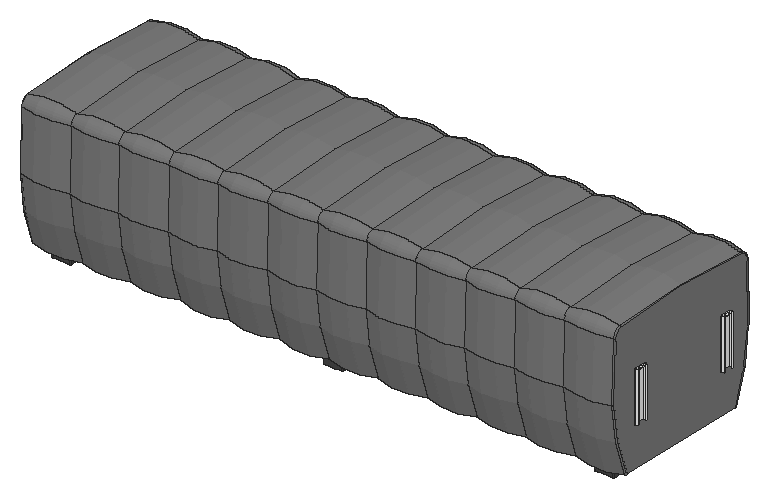
Revit family "Chair-Soft_Seating-Allermuir-Haven_Bench-HAB300M", category Furniture, Revit 2012
Parameters (values of type "HAB300M")
  ecoScorecard_data = "http://thesenatorgroup.ecoscorecard.com/product/HAB300M"
  ecoScorecard Product Page = "http://products.ecoscorecard.com/allermuir/HAB300M?action=html"
  Width = 0' - 0"
  Weight = 0.0 lbf
  Upholstered Seat = "No"
  Upholstered Back = "No"
  URL = "http://www.allermuir.net/Default.aspx"
  Subcategory = "Soft Seating"  # constant formula
  Stacks = no
  Specifications URL = ""
  Side Bracket = Metal - Allermuir - Chrome - Polished
  Seat or Top = Fabric - Allermuir - Silcoates
  Product Page URL = "http://www.allermuir.net/Products.aspx?RangeId=495"
  Product Line = "Haven Bench"  # constant formula
  Pricing URL = ""
  Plugin Data URL = "http://products.ecoscorecard.com/thesenatorgroup/HAB300M"
  Plastic Arms in Black = "No"
  Model = "HAB300M"  # constant formula
  Manufacturer Phone - Toll Free = "(888) 887 5806"  # constant formula
  Manufacturer Phone = "(419) 887 5806"  # constant formula
  Manufacturer Fax = "(419) 887 5805"  # constant formula
  Manufacturer Email = "mailto:contact@allermuir-na.com"
  Manufacturer Address = "1630 Holland Road, Maumee, Ohio 43537 "  # constant formula
  Manufacturer = "Allermuir"  # constant formula
  LEED Stats URL = ""
  Height = 0' - 0"
  Fabric Spec Sheets = "http://www.allermuir.net/Services/File.ashx?Type=B&Id=51"
  Description = ""
  Depth = 0' - 0"
  Color Availability = "See price list for material options"  # constant formula
  CAD Blocks URL = ""
  Brochure URL = ""
  Base = Plastic - Allermuir - Black
  Assembly Code = "E2020200"
  95 CSI = "12510"  # constant formula
  04 CSI = "12 51 00"  # constant formula
Reference planes
  plane 1 "Center Front/Back": y = 0
  plane 2: z = 0
  plane 3 "Center Left/Right": x = 0
  plane 4: z = 466.328
  plane 5: x = -912.479
  plane 6: x = 912.479
  plane 7: y = 278.492
  plane 8: y = -265.296
Dimensions and locks
  plane 4 to level = 1' - 6 23/64"  (x2)
  equal spacing: plane 5, plane 3 "Center Left/Right", plane 6
  plane 5 to plane 6 = 5' - 11.8487"
  plane 7 to plane 8 = 1' - 9.40899"
  aligned and locked: plane 3 "Center Left/Right" to nested 1
  aligned and locked: plane 1 "Center Front/Back" to nested 1
  aligned and locked: plane 4 to nested 1
Nested families
  nested 1: "HAB300M" at (0, 0, 0), type "HAB300M"
Definition of nested family "HAB300M"
  Parameters (values of type "HAB300M")
    URL = "http://www.allermuir.net/Default.aspx"
    Stand = Plastic - Allermuir - Black
    Side Stand = Metal - Allermuir - Chrome - Polished
    Seat = Fabric - Allermuir - Silcoates
    Model = "HAB100"
    Manufacturer = "Allermuir"  # constant formula
    Description = ""
    Assembly Code = "E2020200"
  Reference planes
    plane 1 "Center Front/Back": y = 0
    plane 2: z = 0
    plane 3 "Center Left/Right": x = 0
    plane 4: y = 278.492
    plane 5: y = -265.296
    plane 6: z = 466.328
    plane 7: x = -899.878
    plane 8: x = 899.878
  Forms (mm)
    Sweep 1, solid, material "Fabric - Allermuir - Silcoates" <- "Seat"
      path origin (0, 0, 0) x (0, 1, 0) y (0, 0, 1)
        loop
          arc (228.945, 24.408) -> (262.215, 126.767) -> (276.965, 233.381) r 609.6
          arc (276.965, 233.381) -> (278.479, 325.472) -> (273.982, 417.465) r 1411.053
          arc (273.982, 417.465) -> (262.719, 442.368) -> (238.222, 454.489) r 40.603
          arc (238.222, 454.489) -> (7.264, 468.236) -> (-223.765, 455.728) r 2038.86
          arc (-223.765, 455.728) -> (-248.079, 443.981) -> (-259.64, 419.577) r 40.58
          arc (-259.64, 419.577) -> (-265.536, 328.435) -> (-264.387, 237.109) r 1183.48
          arc (-264.387, 237.109) -> (-249.246, 128.613) -> (-215.454, 24.408) r 627.008
      profile origin (0, 7.264, 468.236) x (0, -0.002682, -0.999996) y (1, 0, 0)
        loop
          arc (13.094, -747.478) -> (2.01, -822.435) -> (13.359, -897.353) r 255.942
          arc (13.359, -897.353) -> (14.723, -899.276) -> (16.962, -900.013) r 3.77
          line (16.962, -900.013) -> (18.056, -900.013) -> (18.056, 900.013) -> (16.964, 900.013)
          arc (16.964, 900.013) -> (14.725, 899.276) -> (13.361, 897.353) r 3.77
          arc (13.361, 897.353) -> (2.01, 822.436) -> (13.092, 747.478) r 255.942
          arc (13.092, 747.478) -> (2.009, 672.942) -> (13.113, 598.41) r 255.942
          arc (13.113, 598.41) -> (2.01, 523.394) -> (13.375, 448.417) r 255.942
          arc (13.375, 448.417) -> (2.01, 373.433) -> (13.117, 298.411) r 255.942
          arc (13.117, 298.411) -> (2.01, 223.387) -> (13.376, 148.403) r 255.942
          arc (13.376, 148.403) -> (2.013, 74.256) -> (12.634, 0) r 255.942
          arc (12.634, 0) -> (2.026, -75.93) -> (14.383, -151.596) r 255.942
          arc (14.383, -151.596) -> (2.037, -226.43) -> (12.165, -301.596) r 255.942
          arc (12.165, -301.596) -> (2.037, -376.765) -> (14.384, -451.601) r 255.942
          arc (14.384, -451.601) -> (2.038, -526.433) -> (12.163, -601.598) r 255.942
          arc (12.163, -601.598) -> (2.015, -674.606) -> (13.094, -747.478) r 255.942
    Extrusion 2, solid, material "Fabric - Allermuir - Silcoates" <- "Seat"
      sketch origin (0, 0, 0) x (0, 1, 0) y (0, 0, 1)
        loop
          line (-198.21, 30) -> (211.698, 30)
          arc (211.698, 30) -> (244.436, 130.024) -> (258.93, 234.267) r 591.544
          arc (258.93, 234.267) -> (260.425, 325.179) -> (255.986, 415.995) r 1392.996
          arc (255.986, 415.995) -> (249.731, 429.823) -> (236.128, 436.554) r 22.547
          arc (236.128, 436.554) -> (7.216, 450.18) -> (-221.767, 437.783) r 2020.803
          arc (-221.767, 437.783) -> (-235.263, 431.263) -> (-241.679, 417.717) r 22.524
          arc (-241.679, 417.717) -> (-247.486, 327.965) -> (-246.354, 238.033) r 1165.423
          arc (-246.354, 238.033) -> (-231.472, 131.89) -> (-198.21, 30) r 608.951
      from -900.013 to 900.013
    Extrusion 3, solid, material "Metal - Allermuir - Chrome - Polished" <- "Side Stand"
      sketch origin (0, -42.069, 0) x (-1, 0, 0) y (0, -1, 0)
        loop
          line (912.476, 128.241) -> (906.42, 131.887)
          arc (906.42, 131.887) -> (905.103, 132.137) -> (903.94, 131.469) r 1.931
          line (903.94, 131.469) -> (900.467, 127.301)
          arc (900.467, 127.301) -> (900.143, 126.735) -> (900.03, 126.094) r 1.885
          line (900.03, 126.094) -> (900.03, 99.387)
          arc (900.03, 99.387) -> (900.143, 98.745) -> (900.467, 98.18) r 1.885
          line (900.467, 98.18) -> (903.967, 93.981)
          arc (903.967, 93.981) -> (905.101, 93.329) -> (906.387, 93.573) r 1.885
          line (906.387, 93.573) -> (912.476, 97.24) -> (911.702, 98.524) -> (905.768, 94.951)
          arc (905.768, 94.951) -> (905.362, 94.874) -> (905.003, 95.08) r 0.595
          line (905.003, 95.08) -> (901.777, 98.951)
          arc (901.777, 98.951) -> (901.577, 99.299) -> (901.508, 99.694) r 1.161
          line (901.508, 99.694) -> (901.508, 125.775)
          arc (901.508, 125.775) -> (901.579, 126.181) -> (901.784, 126.538) r 1.191
          line (901.784, 126.538) -> (905.023, 130.425)
          arc (905.023, 130.425) -> (905.36, 130.619) -> (905.741, 130.546) r 0.559
          line (905.741, 130.546) -> (911.702, 126.956) -> (912.476, 128.241)
      from 156.239 to 306.239
    Extrusion 4, solid, material "Metal - Allermuir - Chrome - Polished" <- "Side Stand"
      sketch origin (0, -42.069, 0) x (-1, 0, 0) y (0, -1, 0)
        loop
          line (901.508, 118.736) -> (901.508, 106.765) -> (910.5, 106.765) -> (910.5, 118.736) -> (901.508, 118.736)
      from 304.739 to 306.239
    Extrusion 5, solid, material "Metal - Allermuir - Chrome - Polished" <- "Side Stand"
      sketch origin (0, 58.539, 0) x (-1, 0, 0) y (0, -1, 0)
        loop
          line (912.476, -128.241) -> (911.702, -126.956) -> (905.741, -130.546)
          arc (905.741, -130.546) -> (905.36, -130.619) -> (905.023, -130.425) r 0.559
          line (905.023, -130.425) -> (901.784, -126.538)
          arc (901.784, -126.538) -> (901.579, -126.181) -> (901.508, -125.775) r 1.191
          line (901.508, -125.775) -> (901.508, -99.694)
          arc (901.508, -99.694) -> (901.577, -99.299) -> (901.777, -98.951) r 1.161
          line (901.777, -98.951) -> (905.003, -95.08)
          arc (905.003, -95.08) -> (905.362, -94.874) -> (905.768, -94.951) r 0.595
          line (905.768, -94.951) -> (911.702, -98.524) -> (912.476, -97.24) -> (906.387, -93.573)
          arc (906.387, -93.573) -> (905.101, -93.329) -> (903.967, -93.981) r 1.885
          line (903.967, -93.981) -> (900.467, -98.18)
          arc (900.467, -98.18) -> (900.143, -98.745) -> (900.03, -99.387) r 1.885
          line (900.03, -99.387) -> (900.03, -126.094)
          arc (900.03, -126.094) -> (900.143, -126.735) -> (900.467, -127.301) r 1.885
          line (900.467, -127.301) -> (903.94, -131.469)
          arc (903.94, -131.469) -> (905.103, -132.137) -> (906.42, -131.887) r 1.931
          line (906.42, -131.887) -> (912.476, -128.241)
      from 156.239 to 306.239
    Extrusion 6, solid, material "Metal - Allermuir - Chrome - Polished" <- "Side Stand"
      sketch origin (0, 58.539, 0) x (-1, 0, 0) y (0, -1, 0)
        loop
          line (901.508, -118.736) -> (910.5, -118.736) -> (910.5, -106.765) -> (901.508, -106.765) -> (901.508, -118.736)
      from 304.739 to 306.239
    Extrusion 7, solid, material "Metal - Allermuir - Chrome - Polished" <- "Side Stand"
      sketch origin (0, -42.069, 0) x (1, 0, 0) y (0, 1, 0)
        loop
          line (912.476, -128.241) -> (911.702, -126.956) -> (905.741, -130.546)
          arc (905.741, -130.546) -> (905.36, -130.619) -> (905.023, -130.425) r 0.559
          line (905.023, -130.425) -> (901.784, -126.538)
          arc (901.784, -126.538) -> (901.579, -126.181) -> (901.508, -125.775) r 1.191
          line (901.508, -125.775) -> (901.508, -99.694)
          arc (901.508, -99.694) -> (901.577, -99.299) -> (901.777, -98.951) r 1.161
          line (901.777, -98.951) -> (905.003, -95.08)
          arc (905.003, -95.08) -> (905.362, -94.874) -> (905.768, -94.951) r 0.595
          line (905.768, -94.951) -> (911.702, -98.524) -> (912.476, -97.24) -> (906.387, -93.573)
          arc (906.387, -93.573) -> (905.101, -93.329) -> (903.967, -93.981) r 1.885
          line (903.967, -93.981) -> (900.467, -98.18)
          arc (900.467, -98.18) -> (900.143, -98.745) -> (900.03, -99.387) r 1.885
          line (900.03, -99.387) -> (900.03, -126.094)
          arc (900.03, -126.094) -> (900.143, -126.735) -> (900.467, -127.301) r 1.885
          line (900.467, -127.301) -> (903.94, -131.469)
          arc (903.94, -131.469) -> (905.103, -132.137) -> (906.42, -131.887) r 1.931
          line (906.42, -131.887) -> (912.476, -128.241)
      from 156.239 to 306.239
    Extrusion 8, solid, material "Metal - Allermuir - Chrome - Polished" <- "Side Stand"
      sketch origin (0, -42.069, 0) x (1, 0, 0) y (0, 1, 0)
        loop
          line (901.508, -118.736) -> (910.5, -118.736) -> (910.5, -106.765) -> (901.508, -106.765) -> (901.508, -118.736)
      from 304.739 to 306.239
    Extrusion 9, solid, material "Metal - Allermuir - Chrome - Polished" <- "Side Stand"
      sketch origin (0, 58.142, 0) x (1, 0, 0) y (0, 1, 0)
        loop
          line (912.476, 128.241) -> (906.42, 131.887)
          arc (906.42, 131.887) -> (905.103, 132.137) -> (903.94, 131.469) r 1.931
          line (903.94, 131.469) -> (900.467, 127.301)
          arc (900.467, 127.301) -> (900.143, 126.735) -> (900.03, 126.094) r 1.885
          line (900.03, 126.094) -> (900.03, 99.387)
          arc (900.03, 99.387) -> (900.143, 98.745) -> (900.467, 98.18) r 1.885
          line (900.467, 98.18) -> (903.967, 93.981)
          arc (903.967, 93.981) -> (905.101, 93.329) -> (906.387, 93.573) r 1.885
          line (906.387, 93.573) -> (912.476, 97.24) -> (911.702, 98.524) -> (905.768, 94.951)
          arc (905.768, 94.951) -> (905.362, 94.874) -> (905.003, 95.08) r 0.595
          line (905.003, 95.08) -> (901.777, 98.951)
          arc (901.777, 98.951) -> (901.577, 99.299) -> (901.508, 99.694) r 1.161
          line (901.508, 99.694) -> (901.508, 125.775)
          arc (901.508, 125.775) -> (901.579, 126.181) -> (901.784, 126.538) r 1.191
          line (901.784, 126.538) -> (905.023, 130.425)
          arc (905.023, 130.425) -> (905.36, 130.619) -> (905.741, 130.546) r 0.559
          line (905.741, 130.546) -> (911.702, 126.956) -> (912.476, 128.241)
      from 156.239 to 306.239
    Extrusion 10, solid, material "Metal - Allermuir - Chrome - Polished" <- "Side Stand"
      sketch origin (0, 58.142, 0) x (1, 0, 0) y (0, 1, 0)
        loop
          line (901.508, 118.736) -> (901.508, 106.765) -> (910.5, 106.765) -> (910.5, 118.736) -> (901.508, 118.736)
      from 304.739 to 306.239
  Cuts and joins
    joined: Sweep 1, Extrusion 2
  Lines and regions (mm)
    symbolic lines, style "Sofa"
      curve 1: line (-900.013, -249.055, 0) -> (-900.013, 261.692, 0)
      curve 2: line (-747.478, -252.843, 0) -> (-747.478, 265.543, 0)
      curve 3: line (-601.598, -253.773, 0) -> (-601.598, 266.473, 0)
      curve 4: line (-451.601, -251.552, 0) -> (-451.601, 264.252, 0)
      curve 5: line (-301.596, -253.771, 0) -> (-301.596, 266.471, 0)
      curve 6: line (-151.596, -251.553, 0) -> (-151.596, 264.253, 0)
      curve 7: line (0, -253.302, 0) -> (0, 266.002, 0)
      curve 8: line (148.403, -252.561, 0) -> (148.403, 265.261, 0)
      curve 9: line (298.411, -252.819, 0) -> (298.411, 265.519, 0)
      curve 10: line (448.417, -252.819, 0) -> (448.417, 265.519, 0)
      curve 11: line (598.41, -252.819, 0) -> (598.41, 265.519, 0)
      curve 12: line (747.478, -252.819, 0) -> (747.478, 265.519, 0)
      curve 13: line (900.013, -249.056, 0) -> (900.013, 261.874, 0)
      curve 14: arc (-897.351, -252.657, 0) -> (-822.428, -263.94, 0) -> (-747.478, -252.843, 0) r 256.5
      curve 15: arc (-747.478, -252.843, 0) -> (-674.608, -264.319, 0) -> (-601.598, -253.773, 0) r 247.106
      curve 16: arc (-601.598, -253.773, 0) -> (-526.431, -264.022, 0) -> (-451.601, -251.552, 0) r 253.283
      curve 17: arc (-451.601, -251.552, 0) -> (-376.767, -264.018, 0) -> (-301.596, -253.771, 0) r 253.383
      curve 18: arc (-301.596, -253.771, 0) -> (-226.431, -263.846, 0) -> (-151.596, -251.553, 0) r 257.095
      curve 19: arc (-151.596, -251.553, 0) -> (-75.931, -263.935, 0) -> (0, -253.302, 0) r 255.403
      curve 20: arc (0, -253.302, 0) -> (74.256, -263.929, 0) -> (148.403, -252.561, 0) r 255.818
      curve 21: arc (148.403, -252.561, 0) -> (223.387, -264.046, 0) -> (298.411, -252.819, 0) r 253.367
      curve 22: arc (298.411, -252.819, 0) -> (373.414, -264.061, 0) -> (448.417, -252.819, 0) r 255.82
      curve 23: arc (448.417, -252.819, 0) -> (523.413, -263.966, 0) -> (598.41, -252.819, 0) r 257.857
      curve 24: arc (598.41, -252.819, 0) -> (672.944, -263.981, 0) -> (747.478, -252.819, 0) r 254.445
      curve 25: arc (747.478, -252.819, 0) -> (822.495, -263.887, 0) -> (897.466, -252.508, 0) r 256.157
      curve 26: arc (-897.351, -252.657, 0) -> (-899.275, -251.294, 0) -> (-900.013, -249.055, 0) r 3.768
      curve 27: arc (897.466, -252.508, 0) -> (899.307, -251.201, 0) -> (900.013, -249.056, 0) r 3.612
      curve 28: line (901.508, 177.275, 0) -> (910.5, 177.275, 0)
      curve 29: line (910.5, 177.275, 0) -> (910.5, 165.304, 0)
      curve 30: line (910.5, 165.304, 0) -> (901.508, 165.304, 0)
      curve 31: line (912.476, 155.779, 0) -> (906.387, 152.112, 0)
      curve 32: line (905.768, 153.49, 0) -> (911.702, 157.063, 0)
      curve 33: line (911.702, 157.063, 0) -> (912.476, 155.779, 0)
      curve 34: arc (906.387, 152.112, 0) -> (905.101, 151.868, 0) -> (903.967, 152.52, 0) r 1.885
      curve 35: arc (905.003, 153.619, 0) -> (905.362, 153.413, 0) -> (905.768, 153.49, 0) r 0.595
      curve 36: line (901.777, 157.49, 0) -> (905.003, 153.619, 0)
      curve 37: line (903.967, 152.52, 0) -> (900.467, 156.719, 0)
      curve 38: arc (900.467, 156.719, 0) -> (900.143, 157.284, 0) -> (900.03, 157.926, 0) r 1.885
      curve 39: arc (901.508, 158.233, 0) -> (901.577, 157.838, 0) -> (901.777, 157.49, 0) r 1.161
      curve 40: line (901.508, 184.314, 0) -> (901.508, 158.233, 0)
      curve 41: arc (901.784, 185.077, 0) -> (901.579, 184.72, 0) -> (901.508, 184.314, 0) r 1.191
      curve 42: line (905.023, 188.964, 0) -> (901.784, 185.077, 0)
      curve 43: line (900.467, 185.84, 0) -> (903.94, 190.008, 0)
      curve 44: arc (900.03, 184.633, 0) -> (900.143, 185.275, 0) -> (900.467, 185.84, 0) r 1.885
      curve 45: arc (903.94, 190.008, 0) -> (905.103, 190.676, 0) -> (906.42, 190.426, 0) r 1.931
      curve 46: arc (905.741, 189.085, 0) -> (905.36, 189.158, 0) -> (905.023, 188.964, 0) r 0.559
      curve 47: line (911.702, 185.496, 0) -> (905.741, 189.085, 0)
      curve 48: line (906.42, 190.426, 0) -> (912.476, 186.78, 0)
      curve 49: line (912.476, 186.78, 0) -> (911.702, 185.496, 0)
      curve 50: line (901.508, -148.833, 0) -> (910.5, -148.833, 0)
      curve 51: line (910.5, -148.833, 0) -> (910.5, -160.805, 0)
      curve 52: line (910.5, -160.805, 0) -> (901.508, -160.805, 0)
      curve 53: line (912.476, -170.33, 0) -> (906.387, -173.997, 0)
      curve 54: line (905.768, -172.619, 0) -> (911.702, -169.045, 0)
      curve 55: line (911.702, -169.045, 0) -> (912.476, -170.33, 0)
      curve 56: arc (906.387, -173.997, 0) -> (905.101, -174.241, 0) -> (903.967, -173.589, 0) r 1.885
      curve 57: arc (905.003, -172.49, 0) -> (905.362, -172.696, 0) -> (905.768, -172.619, 0) r 0.595
      curve 58: line (901.777, -168.618, 0) -> (905.003, -172.49, 0)
      curve 59: line (903.967, -173.589, 0) -> (900.467, -169.39, 0)
      curve 60: arc (900.467, -169.39, 0) -> (900.143, -168.824, 0) -> (900.03, -168.183, 0) r 1.885
      curve 61: arc (901.508, -167.875, 0) -> (901.577, -168.27, 0) -> (901.777, -168.618, 0) r 1.161
      curve 62: line (901.508, -141.794, 0) -> (901.508, -167.875, 0)
      curve 63: arc (901.784, -141.032, 0) -> (901.579, -141.389, 0) -> (901.508, -141.794, 0) r 1.191
      curve 64: line (905.023, -137.144, 0) -> (901.784, -141.032, 0)
      curve 65: line (900.467, -140.269, 0) -> (903.94, -136.101, 0)
      curve 66: arc (900.03, -141.476, 0) -> (900.143, -140.834, 0) -> (900.467, -140.269, 0) r 1.885
      curve 67: arc (903.94, -136.101, 0) -> (905.103, -135.433, 0) -> (906.42, -135.682, 0) r 1.931
      curve 68: arc (905.741, -137.023, 0) -> (905.36, -136.951, 0) -> (905.023, -137.144, 0) r 0.559
      curve 69: line (911.702, -140.613, 0) -> (905.741, -137.023, 0)
      curve 70: line (906.42, -135.682, 0) -> (912.476, -139.328, 0)
      curve 71: line (912.476, -139.328, 0) -> (911.702, -140.613, 0)
      curve 72: arc (-897.289, 265.376, 0) -> (-822.396, 276.64, 0) -> (-747.478, 265.543, 0) r 256.5
      curve 73: arc (-747.478, 265.543, 0) -> (-674.608, 277.019, 0) -> (-601.598, 266.473, 0) r 247.106
      curve 74: arc (-601.598, 266.473, 0) -> (-526.431, 276.722, 0) -> (-451.601, 264.252, 0) r 253.283
      curve 75: arc (-451.601, 264.252, 0) -> (-376.767, 276.718, 0) -> (-301.596, 266.471, 0) r 253.383
      curve 76: arc (-301.596, 266.471, 0) -> (-226.431, 276.546, 0) -> (-151.596, 264.253, 0) r 257.095
      curve 77: arc (-151.596, 264.253, 0) -> (-75.931, 276.635, 0) -> (0, 266.002, 0) r 255.403
      curve 78: arc (0, 266.002, 0) -> (74.256, 276.629, 0) -> (148.403, 265.261, 0) r 255.818
      curve 79: arc (148.403, 265.261, 0) -> (223.387, 276.746, 0) -> (298.411, 265.519, 0) r 253.367
      curve 80: arc (298.411, 265.519, 0) -> (373.414, 276.761, 0) -> (448.417, 265.519, 0) r 255.82
      curve 81: arc (448.417, 265.519, 0) -> (523.413, 276.666, 0) -> (598.41, 265.519, 0) r 257.857
      curve 82: arc (598.41, 265.519, 0) -> (672.944, 276.681, 0) -> (747.478, 265.519, 0) r 254.445
      curve 83: arc (747.478, 265.519, 0) -> (822.555, 276.587, 0) -> (897.58, 265.172, 0) r 256.157
      curve 84: line (-901.508, 177.275, 0) -> (-910.5, 177.275, 0)
      curve 85: line (-910.5, 177.275, 0) -> (-910.5, 165.304, 0)
      curve 86: line (-910.5, 165.304, 0) -> (-901.508, 165.304, 0)
      curve 87: line (-912.476, 155.779, 0) -> (-906.387, 152.112, 0)
      curve 88: line (-905.768, 153.49, 0) -> (-911.702, 157.063, 0)
      curve 89: line (-911.702, 157.063, 0) -> (-912.476, 155.779, 0)
      curve 90: arc (-906.387, 152.112, 0) -> (-905.101, 151.868, 0) -> (-903.967, 152.52, 0) r 1.885
      curve 91: arc (-905.003, 153.619, 0) -> (-905.362, 153.413, 0) -> (-905.768, 153.49, 0) r 0.595
      curve 92: line (-901.777, 157.49, 0) -> (-905.003, 153.619, 0)
      curve 93: line (-903.967, 152.52, 0) -> (-900.467, 156.719, 0)
      curve 94: arc (-900.467, 156.719, 0) -> (-900.143, 157.284, 0) -> (-900.03, 157.926, 0) r 1.885
      curve 95: arc (-901.508, 158.233, 0) -> (-901.577, 157.838, 0) -> (-901.777, 157.49, 0) r 1.161
      curve 96: line (-901.508, 184.314, 0) -> (-901.508, 158.233, 0)
      curve 97: arc (-901.784, 185.077, 0) -> (-901.579, 184.72, 0) -> (-901.508, 184.314, 0) r 1.191
      curve 98: line (-905.023, 188.964, 0) -> (-901.784, 185.077, 0)
      curve 99: line (-900.467, 185.84, 0) -> (-903.94, 190.008, 0)
      curve 100: arc (-900.03, 184.633, 0) -> (-900.143, 185.275, 0) -> (-900.467, 185.84, 0) r 1.885
      curve 101: arc (-903.94, 190.008, 0) -> (-905.103, 190.676, 0) -> (-906.42, 190.426, 0) r 1.931
      curve 102: arc (-905.741, 189.085, 0) -> (-905.36, 189.158, 0) -> (-905.023, 188.964, 0) r 0.559
      curve 103: line (-911.702, 185.496, 0) -> (-905.741, 189.085, 0)
      curve 104: line (-906.42, 190.426, 0) -> (-912.476, 186.78, 0)
      curve 105: line (-912.476, 186.78, 0) -> (-911.702, 185.496, 0)
      curve 106: line (-901.508, -148.833, 0) -> (-910.5, -148.833, 0)
      curve 107: line (-910.5, -148.833, 0) -> (-910.5, -160.805, 0)
      curve 108: line (-910.5, -160.805, 0) -> (-901.508, -160.805, 0)
      curve 109: line (-912.476, -170.33, 0) -> (-906.387, -173.997, 0)
      curve 110: line (-905.768, -172.619, 0) -> (-911.702, -169.045, 0)
      curve 111: line (-911.702, -169.045, 0) -> (-912.476, -170.33, 0)
      curve 112: arc (-906.387, -173.997, 0) -> (-905.101, -174.241, 0) -> (-903.967, -173.589, 0) r 1.885
      curve 113: arc (-905.003, -172.49, 0) -> (-905.362, -172.696, 0) -> (-905.768, -172.619, 0) r 0.595
      curve 114: line (-901.777, -168.618, 0) -> (-905.003, -172.49, 0)
      curve 115: line (-903.967, -173.589, 0) -> (-900.467, -169.39, 0)
      curve 116: arc (-900.467, -169.39, 0) -> (-900.143, -168.824, 0) -> (-900.03, -168.183, 0) r 1.885
      curve 117: arc (-901.508, -167.875, 0) -> (-901.577, -168.27, 0) -> (-901.777, -168.618, 0) r 1.161
      curve 118: line (-901.508, -141.794, 0) -> (-901.508, -167.875, 0)
      curve 119: arc (-901.784, -141.032, 0) -> (-901.579, -141.389, 0) -> (-901.508, -141.794, 0) r 1.191
      curve 120: line (-905.023, -137.144, 0) -> (-901.784, -141.032, 0)
      curve 121: line (-900.467, -140.269, 0) -> (-903.94, -136.101, 0)
      curve 122: arc (-900.03, -141.476, 0) -> (-900.143, -140.834, 0) -> (-900.467, -140.269, 0) r 1.885
      curve 123: arc (-903.94, -136.101, 0) -> (-905.103, -135.433, 0) -> (-906.42, -135.682, 0) r 1.931
      curve 124: arc (-905.741, -137.023, 0) -> (-905.36, -136.951, 0) -> (-905.023, -137.144, 0) r 0.559
      curve 125: line (-911.702, -140.613, 0) -> (-905.741, -137.023, 0)
      curve 126: line (-906.42, -135.682, 0) -> (-912.476, -139.328, 0)
      curve 127: line (-912.476, -139.328, 0) -> (-911.702, -140.613, 0)
      curve 128: arc (-900.013, 261.692, 0) -> (-899.258, 263.982, 0) -> (-897.289, 265.376, 0) r 3.853
      curve 129: arc (900.013, 261.874, 0) -> (899.339, 263.923, 0) -> (897.58, 265.172, 0) r 3.452
  Dimensions and locks
    plane 4 to plane 5 = 1' - 9.40899"
    plane 6 to level = 1' - 6 23/64"
    locked: plane 7 to plane 8 at 1799.755
    aligned and locked: plane 3 "Center Left/Right" to nested 2
    aligned and locked: plane 3 "Center Left/Right" to nested 5
    aligned and locked: nested 1 to level
    aligned and locked: nested 2 to level
    aligned and locked: nested 4 to plane 2
    aligned and locked: nested 3 to plane 2
    aligned and locked: nested 5 to plane 2
    aligned and locked: nested 6 to plane 2
    aligned and locked: Extrusion 2 sketch curve to Sweep 1  (x7)
  Nested families
    nested 1: "Leg" at (-824.583, 174.511, 0), type "PSM102"
    nested 2: "Leg" at (0, 174.511, 0), type "PSM102"
    nested 3: "Leg" at (-824.118, -158.14, 0), type "PSM102"
    nested 4: "Leg" at (823.175, 174.511, 0), type "PSM102"
    nested 5: "Leg" at (0, -158.14, 0), type "PSM102"
    nested 6: "Leg" at (823.528, -158.934, 0), type "PSM102"
  Definition of nested family "Leg"
    Parameters (values of type "PSM102")
      URL = ""
      Stand = none
      Stacks = no
      Model = ""
      Manufacturer = ""
      Description = ""
      Assembly Code = "E2020200"
    Reference planes
      plane 1 "Center Front/Back": y = 0
      plane 2: z = 0
      plane 3 "Center Left/Right": x = 0
      plane 4: z = 30
      plane 5: through (42.717, 1524.892, 1219.2) normal (1, -0.0075, 0)
      plane 6: through (-1525.181, 42.166, 1219.2) normal (0.0075, 1, 0)
      plane 7: through (-19.17, 1524.892, 1219.2) normal (1, -0.0075, 0)
      plane 8: through (-1525.181, -19.721, 1219.2) normal (0.0075, 1, 0)
    Forms (mm)
      Blend 1, solid, material <- "Stand"
        base sketch origin (0, 0, 0) x (1, 0, 0) y (0, 1, 0)
          loop
            arc (-26.682, 29.891) -> (-28.652, 29.092) -> (-29.481, 27.133) r 2.778
            line (-29.481, 27.133) -> (-29.891, -27.235)
            arc (-29.891, -27.235) -> (-29.092, -29.205) -> (-27.133, -30.034) r 2.778
            line (-27.133, -30.034) -> (27.235, -30.444)
            arc (27.235, -30.444) -> (29.205, -29.645) -> (30.034, -27.687) r 2.778
            line (30.034, -27.687) -> (30.444, 26.682)
            arc (30.444, 26.682) -> (29.645, 28.652) -> (27.687, 29.481) r 2.778
            line (27.687, 29.481) -> (-26.682, 29.891)
        top sketch origin (0, 0, 0) x (1, 0, 0) y (0, 1, 0)
          loop
            arc (31.431, 27.654) -> (30.632, 29.625) -> (28.674, 30.453) r 2.778
            line (28.674, 30.453) -> (-27.654, 30.878)
            arc (-27.654, 30.878) -> (-29.625, 30.079) -> (-30.453, 28.121) r 2.778
            line (-30.453, 28.121) -> (-30.878, -28.207)
            arc (-30.878, -28.207) -> (-30.079, -30.178) -> (-28.121, -31.006) r 2.778
            line (-28.121, -31.006) -> (28.207, -31.431)
            arc (28.207, -31.431) -> (30.178, -30.632) -> (31.006, -28.674) r 2.778
            line (31.006, -28.674) -> (31.431, 27.654)
        from 0 to 30
    Dimensions and locks
      locked: plane 7 to plane 5 at 61.886
      locked: plane 6 to plane 8 at 61.886
      locked: plane 4 to level at 30
